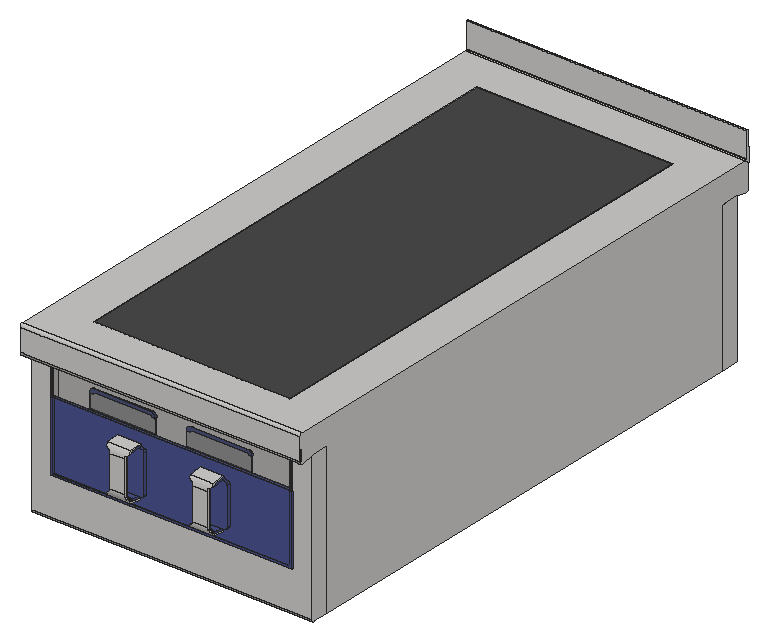
Revit family "QF_ELECTROLUXPROFESSIONAL_588013_MACBABDOAO", category Specialty Equipment, Revit 2018
Family settings
  Round Connector Dimension = Use Diameter
  Part Type = Normal
  Work Plane-Based = No
  Always vertical = Yes
  Cut with Voids When Loaded = No
  Shared = No
  Room Calculation Point = No
Parameters
  Weight in Pounds = 44.0925
  Watts = 8000 VA  # 8000 W
  Volts = 400 V  # constant formula
  URL Cutsheet = ""
  Type Mark [instance] = ""
  Status [instance] = ""
  Specification by User [instance] = ""
  Specification by Manufacturer = ""
  Show Clearance [instance] = yes
  Serial Number = ""
  Seismic Rating = ""
  SMACNA No = ""
  Revision Code [instance] = ""
  Phase = 3  # constant formula
  Omniclass Number and Title = ""
  Number of Poles [instance] = 1
  NAFEM Spec ID Number = ""
  Model = "588013"
  Min Ckt Ampacity = 0 A
  Max Overcurrent Protection = 0 A
  Masterspec = ""
  Manufacturer = "ELECTROLUX"
  Item Number [instance] = ""
  Installed By [instance] = ""
  Identify Quantity as Lot [instance] = yes
  HP = "10.7 HP"
  Furnished By [instance] = ""
  Foodservice Equipment Identifier [instance] = yes
  FL Amps [instance] = if(Phase = 3, Watts / (Volts * 1.73), Watts / Volts)  # 11.5607 A
  Electrical Remarks = "400 V/3N ph/50/60 Hz"  # constant formula
  Electric Connection Type [instance] = ""
  Elec Conn RI Height [instance] = 0 mm
  Elec Conn Connection Height [instance] = 0 mm
  Direct Waste Size = 0"
  Description = "INFRARED TOP,2 ZONES,1-S,BS,400X800X250H"
  Cycle [instance] = if([60 Hertz Option], 60 Hz, 50 Hz)  # 60 Hz
  Conn Plug = ""
  Conn Conduit = yes
  CSI MasterFormat = ""
  CSI Master Format = ""
  Apparent Power [instance] = if(Phase = 3, Volts * FL Amps * 1.73, Volts * FL Amps)  # 8000 VA
  60 Hertz Option [instance] = not([50 Hertz Option])  # yes
  50 Hertz Option [instance] = no
Reference planes
  plane 1 "BACK": y = 0
  plane 2: z = 0
  plane 3 "LEFT": x = 0
  plane 4 "RIGHT": x = 400
  plane 5 "FRONT": y = -800
  plane 6 "TOP": z = 250
  plane 7: x = 200
  plane 8: y = -400
  plane 9: z = 288
  plane 10: x = 355
Forms (mm)
  Extrusion 1, solid, material "QF_Finishes_Stainless Steel"
    sketch origin (0, -487.128, 0) x (0, 1, 0) y (0, 0, 1)
      loop
        line (483.128, 250) -> (-308.872, 250)
        arc (-308.872, 250) -> (-311.7, 248.828) -> (-312.872, 246) r 4
        line (-312.872, 246) -> (-312.872, 214)
        arc (-312.872, 214) -> (-311.443, 210.936) -> (-308.177, 210.061) r 4
        line (-308.177, 210.061) -> (-291.509, 213) -> (-266.872, 213) -> (-266.872, 0) -> (441.128, 0) -> (441.128, 213) -> (465.765, 213) -> (482.433, 210.061)
        arc (482.433, 210.061) -> (485.699, 210.936) -> (487.128, 214) r 4
        line (487.128, 214) -> (487.128, 246)
        arc (487.128, 246) -> (485.956, 248.828) -> (483.128, 250) r 4
    from 0 to 400
  Extrusion 2, solid, material "QF_Finishes_Stainless Steel"
    sketch origin (0, 0, 0) x (0, 1, 0) y (0, 0, 1)
      loop
        line (-46, 0) -> (-20, 0) -> (-20, 213) -> (-46, 213) -> (-46, 0)
    from 0 to 400
  Extrusion 3, void
    sketch origin (653.786, 44.048, 250) x (1, 0, 0) y (0, -1, 0)
      loop
        line (-593.786, 104.048) -> (-313.786, 104.048) -> (-313.786, 787.779) -> (-593.786, 787.779) -> (-593.786, 104.048)
    from 0 to 37
  Extrusion 4, solid, material "QF_Finishes_Stainless Steel"
    sketch origin (0, -754, 0) x (1, 0, 0) y (0, -1, 0)
      loop
        circle (355, -69) r 6.35
    from 0 to 3.2
  Extrusion 5, solid, material "QF_Finishes_Black"
    sketch origin (653.786, 44.048, 213) x (1, 0, 0) y (0, 1, 0)
      loop
        line (-593.786, -787.779) -> (-313.786, -787.779) -> (-313.786, -104.048) -> (-593.786, -104.048) -> (-593.786, -787.779)
    from 0 to 37
  Extrusion 6, solid, material "QF_Finishes_Stainless Steel"
    sketch origin (0, -950.048, 294.179) x (0, -1, 0) y (0, 0, -1)
      loop
        arc (-948.097, 42.179) -> (-947.511, 43.594) -> (-946.097, 44.179) r 2
        arc (-946.097, 44.179) -> (-948.877, 45.357) -> (-950.048, 48.185) r 4
        line (-950.048, 48.185) -> (-950.048, 6.179) -> (-948.097, 6.179) -> (-948.097, 42.179)
    from 0 to 400
Cuts and joins
  Extrusion 3 cuts Extrusion 1
Lines and regions (mm)
  symbolic lines
    curve 1: line (0, 0, 0) -> (400, 0, 0)
    curve 2: line (0, -800, 0) -> (0, 0, 0)
    curve 3: line (400, -800, 0) -> (0, -800, 0)
    curve 4: line (400, 0, 0) -> (400, -800, 0)
    curve 5: line (340, -743.73, 0) -> (340, -60, 0)
    curve 6: line (340, -60, 0) -> (60, -60, 0)
    curve 7: line (60, -60, 0) -> (60, -743.73, 0)
    curve 8: line (60, -743.73, 0) -> (340, -743.73, 0)
    curve 9: line (74.883, -802.326, 0) -> (74.883, -800, 0)
    curve 10: spline (80.551, -803.73, 0) -> (80.073, -803.657, 0) -> (79.595, -803.575, 0) -> (79.118, -803.486, 0) -> (78.642, -803.389, 0) -> (78.167, -803.283, 0) -> (77.693, -803.17, 0) -> (77.221, -803.049, 0) -> (76.75, -802.92, 0) -> (76.281, -802.783, 0) -> (75.813, -802.638, 0) -> (75.347, -802.486, 0) -> (74.883, -802.326, 0)
    curve 11: line (107.098, -802.326, 0) -> (107.098, -800, 0)
    curve 12: spline (107.098, -802.326, 0) -> (106.634, -802.486, 0) -> (106.168, -802.638, 0) -> (105.7, -802.783, 0) -> (105.231, -802.92, 0) -> (104.76, -803.049, 0) -> (104.287, -803.17, 0) -> (103.814, -803.283, 0) -> (103.339, -803.389, 0) -> (102.863, -803.486, 0) -> (102.386, -803.575, 0) -> (101.908, -803.657, 0) -> (101.429, -803.73, 0)
    curve 13: line (80.551, -803.73, 0) -> (101.429, -803.73, 0)
    curve 14: line (0, -1.951, 0) -> (400, -1.951, 0)
    curve 15: line (325.117, -802.326, 0) -> (325.117, -800, 0)
    curve 16: spline (319.449, -803.73, 0) -> (319.927, -803.657, 0) -> (320.405, -803.575, 0) -> (320.882, -803.486, 0) -> (321.358, -803.389, 0) -> (321.833, -803.283, 0) -> (322.307, -803.17, 0) -> (322.779, -803.049, 0) -> (323.25, -802.92, 0) -> (323.719, -802.783, 0) -> (324.187, -802.638, 0) -> (324.653, -802.486, 0) -> (325.117, -802.326, 0)
    curve 17: line (292.902, -802.326, 0) -> (292.902, -800, 0)
    curve 18: spline (292.902, -802.326, 0) -> (293.366, -802.486, 0) -> (293.832, -802.638, 0) -> (294.3, -802.783, 0) -> (294.769, -802.92, 0) -> (295.24, -803.049, 0) -> (295.713, -803.17, 0) -> (296.186, -803.283, 0) -> (296.661, -803.389, 0) -> (297.137, -803.486, 0) -> (297.614, -803.575, 0) -> (298.092, -803.657, 0) -> (298.571, -803.73, 0)
    curve 19: line (319.449, -803.73, 0) -> (298.571, -803.73, 0)
Dimensions and locks
  plane 3 "LEFT" to plane 4 "RIGHT" = 400 mm
  plane 5 "FRONT" to plane 1 "BACK" = 800 mm
  equal spacing: plane 3 "LEFT", plane 7, plane 4 "RIGHT"
  equal spacing: plane 5 "FRONT", plane 8, plane 1 "BACK"
  plane 6 "TOP" to level = 250 mm  (x2)
  plane 1 "BACK" to plane 5 "FRONT" = 800 mm
  Extrusion 4 sketch curve to plane 1 "BACK" = 685 mm
  Extrusion 4 sketch curve to plane 4 "RIGHT" = 45 mm
  plane 1 "BACK" to Extrusion 4 = 685 mm
  locked: plane 10 to plane 4 "RIGHT" at 45
  aligned and locked: level to plane 2
  aligned and locked: cut or joined group of Extrusion 1, Extrusion 3 to plane 4 "RIGHT"
  aligned and locked: Extrusion 2 to plane 4 "RIGHT"
  aligned and locked: plane 7 to nested 1
Automatic sketch dimensions
  Extrusion 2 sketch curve to Extrusion 2 sketch curve = 26 mm
  Extrusion 1 sketch curve to plane 5 "FRONT" = 0 mm
  Extrusion 1 sketch curve to plane 6 "TOP" = 0 mm
  Extrusion 1 sketch curve to level = 0 mm
  Extrusion 1 sketch curve to plane 1 "BACK" = 0 mm
  Extrusion 1 sketch curve to plane 6 "TOP" = 37 mm  (x2)
  Extrusion 1 sketch curve to plane 5 "FRONT" = 4 mm
  Extrusion 1 sketch curve to plane 5 "FRONT" = 21.363 mm
  Extrusion 1 sketch curve to plane 5 "FRONT" = 46 mm
  plane 1 "BACK" to Extrusion 1 sketch curve = 21.363 mm
  plane 1 "BACK" to Extrusion 1 sketch curve = 4 mm  (x2)
  Extrusion 1 sketch curve to Extrusion 1 sketch curve = 4 mm
  Extrusion 1 sketch curve to Extrusion 1 sketch curve = 0.695 mm
  Extrusion 1 sketch curve to Extrusion 1 sketch curve = 0 mm  (x4)
  plane 1 "BACK" to Extrusion 1 sketch curve = 4.695 mm
  Extrusion 1 sketch curve to Extrusion 1 sketch curve = 1 mm  (x2)
  plane 1 "BACK" to Extrusion 1 sketch curve = 46 mm
  Extrusion 6 sketch curve to plane 1 "BACK" = 0 mm  (x2)
  Extrusion 6 sketch curve to plane 1 "BACK" = 1.951 mm
  plane 9 to Extrusion 6 sketch curve = 36 mm
  Extrusion 6 sketch curve to Extrusion 6 sketch curve = 2 mm
  Extrusion 6 sketch curve to Extrusion 6 sketch curve = 0.049 mm
  Extrusion 6 sketch curve to Extrusion 6 sketch curve = 36 mm
  Extrusion 6 sketch curve to Extrusion 6 sketch curve = 4.006 mm
  Extrusion 6 sketch curve to Extrusion 6 sketch curve = 0 mm
  Extrusion 2 sketch curve to level = 0 mm
  plane 1 "BACK" to Extrusion 2 sketch curve = 20 mm
  Extrusion 2 sketch curve to plane 6 "TOP" = 37 mm
  plane 1 "BACK" to curve 1 = 0 mm
  curve 1 to plane 4 "RIGHT" = 0 mm
  curve 3 to plane 3 "LEFT" = 0 mm
  plane 5 "FRONT" to curve 3 = 0 mm
  plane 10 to curve 5 = 15 mm
  plane 5 "FRONT" to curve 15 = 2.326 mm
  plane 10 to curve 15 = 29.883 mm
  plane 5 "FRONT" to curve 19 = 3.73 mm
  curve 15 to curve 19 = 5.669 mm
  curve 16 to curve 19 = 20.878 mm
  plane 5 "FRONT" to curve 17 = 2.326 mm
  curve 18 to curve 17 = 5.669 mm
  plane 5 "FRONT" to curve 11 = 2.326 mm
  curve 11 to plane 7 = 92.902 mm
  plane 5 "FRONT" to curve 13 = 3.73 mm
  curve 11 to curve 13 = 5.669 mm
  curve 12 to curve 13 = 20.878 mm
  plane 5 "FRONT" to curve 9 = 2.326 mm
  curve 13 to curve 9 = 5.669 mm
  plane 3 "LEFT" to curve 7 = 60 mm
  curve 5 to curve 16 = 24.722 mm
  plane 5 "FRONT" to curve 18 = 4.032 mm
  curve 18 to curve 19 = 4.17 mm
  plane 5 "FRONT" to curve 12 = 4.032 mm
  curve 12 to curve 12 = 4.17 mm
  curve 12 to curve 10 = 12.538 mm
  plane 1 "BACK" to curve 6 = 60 mm
  curve 5 to curve 18 = 17.168 mm
  curve 1 to curve 14 = 1.951 mm
  curve 10 to curve 12 = 0 mm
  curve 18 to curve 16 = 0 mm
  Extrusion 1 to Extrusion 3 sketch curve = 60 mm  (x2)
  Extrusion 1 to Extrusion 3 sketch curve = 52.27 mm
  Extrusion 1 to Extrusion 3 sketch curve = 56 mm
  Extrusion 5 sketch curve to Extrusion 3 = 0 mm  (x3)
  Extrusion 3 to Extrusion 5 sketch curve = 0 mm
  radius of Extrusion 4 sketch curve = 6.35 mm
Nested families
  nested 1: "IDT_800_500 mm Double Control Front Panel" at (202.376, -754, -650), type "IDT_800_500 mm Double Control Front Panel"
Connectors
  electrical at (355, -685, -3.2), driven by "Volts", driven by "Watts"
    settings: on Extrusion 4, index 1, voltage 400 V, apparent load 8000 VA, apparent load phase1 0 VA, apparent load phase2 0 VA, apparent load phase3 0 VA, power factor 1, load classification "Other", number of poles 1, system type 30, power factor state 1, is connector primary yes, connector utility no, sub classification motor no, connector description "ELECTRICAL CONNECTION"
Definition of nested family "IDT_800_500 mm Double Control Front Panel"
  Parameters
    Length = 400 mm
  Reference planes
    plane 1 "Center (Front/Back)": y = 0
    plane 2: z = 0
    plane 3 "Center (Left/Right)": x = -2.376
    plane 4: x = -202.376
    plane 5: x = 197.624
  Forms (mm)
    Extrusion 1, solid
      sketch origin (833.217, 829.203, -1.25) x (0, 1, 0) y (0, 0, 1)
        loop
          arc (-854.203, 654.25) -> (-853.324, 652.129) -> (-851.203, 651.25) r 3
          line (-851.203, 651.25) -> (-829.203, 651.25) -> (-829.203, 864.25) -> (-854.203, 864.25) -> (-854.203, 654.25)
      from -1035.593 to -635.593
    Extrusion 2, void
      sketch origin (33.217, 829.203, -1.25) x (1, 0, 0) y (0, 0, 1)
        loop
          line (-207.593, 852.364) -> (-207.593, 710.364) -> (136.407, 710.364) -> (136.407, 852.364) -> (-207.593, 852.364)
      from 843.409 to 854.203
  Cuts and joins
    Extrusion 2 cuts Extrusion 1
  Dimensions and locks
    equal spacing: plane 5, plane 3 "Center (Left/Right)", plane 4
    "Length": plane 5 to plane 4
    locked: nested 2 to plane 4 at 117.396
    locked: plane 5 to nested 1 at 117
    locked: nested 2 to plane 4 at 141.217
    locked: plane 5 to nested 1 at 140.821
    aligned and locked: cut or joined group of Extrusion 1, Extrusion 2 to plane 4
    aligned and locked: plane 5 to cut or joined group of Extrusion 1, Extrusion 2
    aligned and locked: plane 3 "Center (Left/Right)" to nested 3
  Automatic sketch dimensions
    Extrusion 1 sketch curve to plane 1 "Center (Front/Back)" = 0 mm
    plane 1 "Center (Front/Back)" to Extrusion 1 sketch curve = 22 mm
    Extrusion 1 sketch curve to Extrusion 1 sketch curve = 3 mm
    level to Extrusion 1 sketch curve = 650 mm
    Extrusion 1 sketch curve to Extrusion 1 sketch curve = 210 mm
    plane 4 to Extrusion 2 sketch curve = 28 mm
    Extrusion 2 sketch curve to plane 5 = 28 mm
    level to Extrusion 2 sketch curve = 709.114 mm
    Extrusion 2 sketch curve to Extrusion 2 sketch curve = 142 mm
  Nested families
    nested 1: "Range Control Handle" at (56.804, -28.137, -209.113), type "Range Control Handle"
    nested 2: "Range Control Handle" at (-61.159, -28.137, -209.113) x (-1, 0, 0) z (0, 0, 1), type "Range Control Handle"
    nested 3: "glass conrol panel One Right Side" at (-2.376, 278.697, 0), type "glass conrol panel One Right Side"
  Definition of nested family "Range Control Handle"
    Reference planes
      plane 1 "Center (Front/Back)": y = 0
      plane 2: z = 0
      plane 3 "Center (Left/Right)": x = 0
      plane 4: z = 971.092
    Forms (mm)
      Extrusion 1, solid
        sketch origin (-746.28, 380.497, 208.931) x (-1, 0, 0) y (0, 0, 1)
          loop
            line (-770.101, 786.798) -> (-770.101, 731.649)
            arc (-770.101, 731.649) -> (-769.759, 730.563) -> (-768.855, 729.87) r 1.893
            line (-768.855, 729.87) -> (-763.474, 727.911) -> (-729.81, 727.911) -> (-724.428, 729.87)
            arc (-724.428, 729.87) -> (-723.525, 730.563) -> (-723.183, 731.649) r 1.893
            line (-723.183, 731.649) -> (-723.183, 786.798)
            arc (-723.183, 786.798) -> (-723.529, 787.894) -> (-724.44, 788.593) r 1.91
            line (-724.44, 788.593) -> (-729.683, 790.819) -> (-763.601, 790.819) -> (-768.844, 788.593)
            arc (-768.844, 788.593) -> (-769.755, 787.894) -> (-770.101, 786.798) r 1.91
        from -382.35 to -378.852
      Sweep 2, solid
        path origin (-746.788, 380.496, 208.091) x (0, -1, 0) y (0, 0, 1)
          loop
            line (379.775, 793.281) -> (395.661, 791.048)
            arc (395.661, 791.048) -> (397.781, 787.377) -> (398.517, 783.202) r 12.207
            line (398.517, 783.202) -> (398.517, 737.368)
            arc (398.517, 737.368) -> (397.781, 733.193) -> (395.661, 729.522) r 12.207
            line (395.661, 729.522) -> (379.775, 727.289)
        profile origin (-746.788, -7.222, 1000.256) x (0, -0.139173, 0.990268) y (-1, 0, 0)
          loop
            line (0.782, -763.123) -> (0.782, -730.907) -> (-1.322, -730.907) -> (-1.322, -763.123) -> (0.782, -763.123)
      Sweep 3, solid
        path origin (-746.788, 380.715, 207.832) x (0, -1, 0) y (0, 0, 1)
          loop
            line (380.478, 795.442) -> (397.218, 793.09)
            arc (397.218, 793.09) -> (399.929, 788.473) -> (400.871, 783.202) r 15.207
            line (400.871, 783.202) -> (400.871, 737.584)
            arc (400.871, 737.584) -> (399.914, 732.274) -> (397.164, 727.633) r 15.207
            line (397.164, 727.633) -> (380.601, 725.305)
        profile origin (-746.788, -8.132, 1002.099) x (0, -0.139173, 0.990268) y (-1, 0, 0)
          loop
            line (0.782, -763.123) -> (0.782, -730.907) -> (-1.322, -730.907) -> (-1.322, -763.123) -> (0.782, -763.123)
      Extrusion 4, void
        sketch origin (889.253, 220.666, 207.993) x (1, 0, 0) y (0, 0, 1)
          loop
            line (-943.038, 816.854) -> (-943.038, 703.686) -> (-899.466, 734.196) -> (-899.466, 786.344) -> (-943.038, 816.854)
        from 230.636 to 242.25
      Extrusion 5, void
        sketch origin (-888.8, 220.666, 207.993) x (-1, 0, 0) y (0, 0, -1)
          loop
            line (-943.038, -816.854) -> (-899.466, -786.344) -> (-899.466, -734.196) -> (-943.038, -703.686) -> (-943.038, -816.854)
        from 230.636 to 242.25
      Extrusion 6, solid
        sketch origin (0, 0, 0) x (1, 0, 0) y (0, 0, 1)
          loop
            circle (0, 971.092) r 7.736
        from -3.137 to -1.645
    Cuts and joins
      Extrusion 4, Extrusion 5 cuts Sweep 3
      Extrusion 4, Extrusion 5 cuts Sweep 2
      joined: Extrusion 1, Extrusion 6
    Lines and regions (mm)
      symbolic lines
        curve 1: line (23.821, 1.645, 0) -> (-23.097, 1.645, 0)
        curve 2: line (16.334, -1.853, 0) -> (23.821, -1.853, 0)
        curve 3: line (-15.881, -19.189, 0) -> (-15.881, -1.853, 0)
        curve 4: line (-23.097, -1.853, 0) -> (-15.881, -1.853, 0)
        curve 5: line (16.334, -19.189, 0) -> (16.334, -1.853, 0)
        curve 6: spline (-15.881, -19.189, 0) -> (-15.417, -19.349, 0) -> (-14.951, -19.501, 0) -> (-14.483, -19.646, 0) -> (-14.014, -19.783, 0) -> (-13.543, -19.912, 0) -> (-13.071, -20.033, 0) -> (-12.597, -20.146, 0) -> (-12.122, -20.251, 0) -> (-11.646, -20.349, 0) -> (-11.169, -20.438, 0) -> (-10.691, -20.52, 0) -> (-10.213, -20.593, 0)
        curve 7: spline (10.666, -20.593, 0) -> (11.144, -20.52, 0) -> (11.622, -20.438, 0) -> (12.099, -20.349, 0) -> (12.575, -20.251, 0) -> (13.05, -20.146, 0) -> (13.524, -20.033, 0) -> (13.996, -19.912, 0) -> (14.467, -19.783, 0) -> (14.936, -19.646, 0) -> (15.404, -19.501, 0) -> (15.87, -19.349, 0) -> (16.334, -19.189, 0)
        curve 8: line (-10.213, -20.938, 0) -> (10.716, -20.938, 0)
        curve 9: line (-23.097, 1.645, 0) -> (-23.097, -1.853, 0)
        curve 10: line (23.821, 1.645, 0) -> (23.821, -1.853, 0)
  Definition of nested family "glass conrol panel One Right Side"
    Reference planes
      plane 1 "Center (Front/Back)": y = 0
      plane 2: z = 0
      plane 3 "Center (Left/Right)": x = 0
    Forms (mm)
      Extrusion 1, solid
        sketch origin (378.286, 0, 0.617) x (1, 0, 0) y (0, 0, 1)
          loop
            line (-550.286, 806.791) -> (-550.286, 708.497) -> (-206.286, 708.497) -> (-206.286, 806.791) -> (-550.286, 806.791)
        from 300.031 to 304.8
      Extrusion 2, solid
        sketch origin (378.286, 0, 0.617) x (1, 0, 0) y (0, 0, 1)
          loop
            line (-550.286, 850.497) -> (-550.286, 806.791) -> (-206.286, 806.791) -> (-206.286, 850.497) -> (-550.286, 850.497)
        from 300.031 to 304.8
      Extrusion 3, void
        sketch origin (378.286, 0, 0.617) x (1, 0, 0) y (0, 0, 1)
          loop
            line (-547.628, 847.565) -> (-547.628, 710.699) -> (-209.196, 710.699) -> (-209.196, 847.565) -> (-547.628, 847.565)
        from 303.697 to 304.8
      Extrusion 4, solid
        sketch origin (377.536, 1.101, -0.633) x (1, 0, 0) y (0, 0, 1)
          loop
            line (-261.431, 812.62) -> (-261.431, 834.177) -> (-266.24, 834.177) -> (-268.039, 835.977) -> (-348.469, 835.977) -> (-350.269, 834.177) -> (-355.186, 834.177) -> (-355.186, 812.62) -> (-261.431, 812.62)
        from 304.798 to 306.745
      Extrusion 5, solid
        sketch origin (377.536, 1.101, -0.633) x (1, 0, 0) y (0, 0, 1)
          loop
            line (-350.269, 834.177) -> (-348.469, 835.977) -> (-268.039, 835.977) -> (-266.24, 834.177) -> (-261.529, 834.177)
            arc (-261.529, 834.177) -> (-262.706, 838.752) -> (-266.98, 840.763) r 5.549
            line (-266.98, 840.763) -> (-349.686, 840.763)
            arc (-349.686, 840.763) -> (-353.942, 838.747) -> (-355.078, 834.177) r 5.5
            line (-355.078, 834.177) -> (-350.269, 834.177)
        from 304.798 to 306.745
      Extrusion 6, solid
        sketch origin (-377.536, 1.101, -0.633) x (-1, 0, 0) y (0, 0, -1)
          loop
            line (-261.431, -812.62) -> (-355.186, -812.62) -> (-355.186, -834.177) -> (-350.269, -834.177) -> (-348.469, -835.977) -> (-268.039, -835.977) -> (-266.24, -834.177) -> (-261.431, -834.177) -> (-261.431, -812.62)
        from 304.798 to 306.745
      Extrusion 7, solid
        sketch origin (-377.536, 1.101, -0.633) x (-1, 0, 0) y (0, 0, -1)
          loop
            line (-350.269, -834.177) -> (-355.078, -834.177)
            arc (-355.078, -834.177) -> (-353.942, -838.747) -> (-349.686, -840.763) r 5.5
            line (-349.686, -840.763) -> (-266.98, -840.763)
            arc (-266.98, -840.763) -> (-262.706, -838.752) -> (-261.529, -834.177) r 5.549
            line (-261.529, -834.177) -> (-266.24, -834.177) -> (-268.039, -835.977) -> (-348.469, -835.977) -> (-350.269, -834.177)
        from 304.798 to 306.745
    Cuts and joins
      Extrusion 3 cuts Extrusion 1
      Extrusion 3 cuts Extrusion 2
      Extrusion 3 cuts Extrusion 4
      Extrusion 3 cuts Extrusion 5
    Dimensions and locks
      aligned and locked: Extrusion 1 to Extrusion 2
      aligned and locked: Extrusion 5 sketch curve to Extrusion 4  (x4)
      aligned and locked: Extrusion 4 to Extrusion 5 sketch curve
      aligned and locked: Extrusion 5 to Extrusion 4
      aligned and locked: Extrusion 7 sketch curve to Extrusion 6  (x5)
      aligned and locked: Extrusion 7 to Extrusion 6
